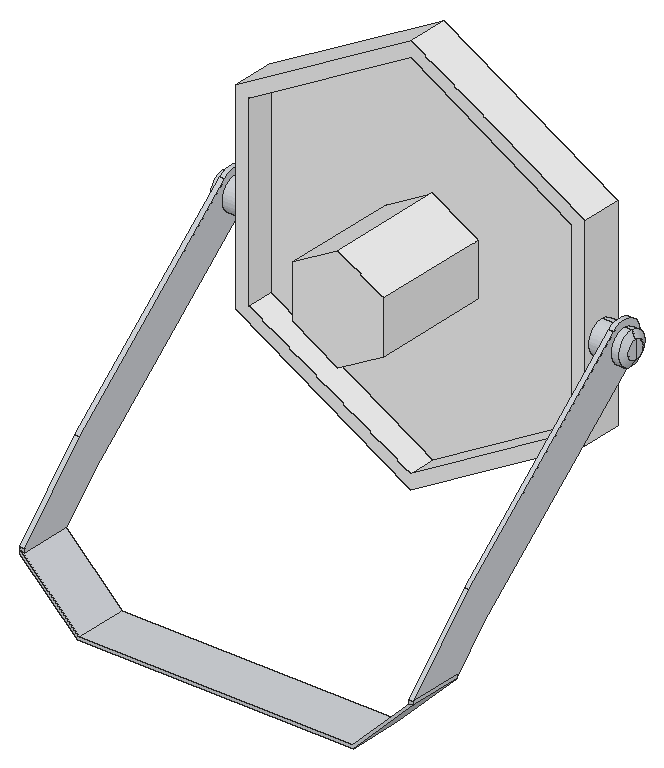
Revit family "Lighting-Floodlights-GEWISS-ESALITE-FL-LED_12K_DALI", category Apparecchi per illuminazione, host Superficie, Revit 2019 (continued)
Types (12, lengths in mm): name | Versions | Technical sheet | Optic | Nominal flux (lm) | built-in parameter 1150142 | Modello | Lumen output (lm) | IDT | File diagramma fotometrico | Descrizione | Colour temperature:
  GWS6422GD30K - ESALITE 12K 30° 3000K PRO+V GR.DALI | "3000K warm light" | "https://www.gewiss.com/ww/en/search?q=GWS6422GD30K" | "30°" | "14000" | "IESNA:LM-63-2002\r\n[TEST] GWS6422GD30K\r\n[TESTLAB] GEWISS\r\n[TESTDATE] 31 Aug 2018\r\n[ISSUEDATE] 31 Aug 2018\r\n[MANUFAC] GEWISS\r\n[LUMCAT] GWS6422GD30K\r\n[LUMINAIRE] ESALITE FL 12K+GLAS 30° GR. DALI LED830\r\n[FLASHAREA] 0.030706\r\n[LAMPCAT] LED 112W/3000K - 10800lm\r\n[LAMP] LED 112W/3000K - 10800lm\r\nTILT=NONE\r\n1 10800.00 1.0 34 19 1 2 -0.402 -0.402 0.000\r\n1.00 1.00 112.00\r\n0.00 1.00 2.00 3.00 4.00 5.00 6.00 7.00 8.00 9.00 10.00 \r\n11.00 12.00 13.00 14.00 15.00 17.50 20.00 22.50 25.00 \r\n27.50 30.00 35.00 40.00 45.00 50.00 55.00 60.00 65.00 \r\n70.00 75.00 80.00 85.00 90.00 \r\n0.00 5.00 10.00 15.00 20.00 25.00 30.00 35.00 40.00 45.00 \r\n50.00 55.00 60.00 65.00 70.00 75.00 80.00 85.00 90.00 \r\n20023.20 19867.68 19446.48 18780.12 18014.40 17047.80 \r\n15987.24 14801.40 13611.24 12410.28 11331.36 10443.49 \r\n9832.10 9406.04 9097.60 8846.93 8139.10 7166.02 6088.28 \r\n5236.92 4624.13 4073.33 2976.48 1936.55 809.02 641.46 \r\n642.24 719.45 622.80 499.82 377.07 242.77 91.82 0.31 \r\n20023.20 19856.88 19436.76 18777.96 18007.92 17061.84 \r\n16002.36 14824.08 13641.48 12449.16 11381.04 10500.52 \r\n9895.72 9467.50 9160.99 8913.24 8209.51 7234.06 6151.68 \r\n5285.95 4661.60 4105.84 2998.73 1948.86 811.10 640.90 \r\n641.35 717.75 624.62 499.99 379.24 246.40 92.51 0.31 \r\n20023.20 19862.28 19441.08 18781.20 18004.68 17061.84 \r\n15996.96 14817.60 13628.52 12431.88 11358.36 10482.48 \r\n9874.76 9442.22 9137.23 8888.29 8188.45 7211.92 6140.02 \r\n5267.81 4646.27 4095.04 2996.03 1943.57 811.37 642.34 \r\n641.74 714.50 626.10 498.45 384.05 249.25 93.34 0.32 \r\n20023.20 19862.28 19442.16 18788.76 18007.92 17051.04 \r\n15984.00 14804.64 13610.16 12409.20 11336.76 10468.22 \r\n9856.51 9419.11 9115.85 8865.61 8184.24 7209.00 6142.82 \r\n5256.90 4632.98 4091.58 3001.00 1944.22 813.05 641.95 \r\n641.07 711.97 625.61 497.51 391.26 251.11 91.88 0.34 \r\n20023.20 19863.36 19442.16 18800.64 18026.28 17068.32 \r\n16002.36 14824.08 13633.92 12437.28 11361.60 10486.37 \r\n9868.39 9429.59 9123.62 8874.68 8208.54 7243.02 6170.80 \r\n5271.70 4636.55 4099.79 3011.58 1943.14 812.49 641.97 \r\n641.03 708.04 625.32 499.39 398.75 253.18 90.08 0.35 \r\n20023.20 19862.28 19442.16 18804.96 18023.04 17059.68 \r\n15998.04 14821.92 13628.52 12430.80 11362.68 10487.12 \r\n9870.88 9429.26 9116.71 8869.50 8211.56 7247.77 6170.15 \r\n5264.46 4625.86 4094.50 3022.49 1949.29 815.48 642.64 \r\n640.97 709.35 627.13 501.63 399.95 252.31 89.27 0.38 \r\n20023.20 19863.36 19437.84 18790.92 18028.44 17061.84 \r\n16000.20 14815.44 13619.88 12418.92 11355.12 10469.95 \r\n9854.68 9411.34 9096.73 8844.66 8195.58 7242.59 6167.12 \r\n5256.90 4612.14 4083.26 3024.43 1950.05 815.07 641.20 \r\n638.71 707.57 626.12 500.48 399.97 250.46 86.83 0.39 \r\n20023.20 19863.36 19452.96 18811.44 18046.80 17088.84 \r\n16019.64 14841.36 13651.20 12454.56 11384.28 10494.25 \r\n9882.22 9439.63 9122.22 8867.45 8223.12 7272.07 6190.02 \r\n5271.48 4617.76 4090.18 3035.34 1956.64 816.37 642.72 \r\n639.66 709.67 629.26 501.72 401.40 250.89 87.77 0.41 \r\n20023.20 19856.88 19441.08 18803.88 18033.84 17080.20 \r\n16004.52 14828.40 13640.40 12441.60 11372.40 10477.51 \r\n9862.99 9416.95 9097.38 8842.50 8199.36 7246.91 6170.15 \r\n5252.15 4599.83 4079.38 3032.42 1954.48 818.14 642.95 \r\n638.96 710.34 629.64 499.12 400.92 251.11 87.79 0.43 \r\n20023.20 19851.48 19442.16 18811.44 18036.00 17079.12 \r\n16004.52 14824.08 13636.08 12434.04 11362.68 10468.12 \r\n9855.22 9408.53 9091.01 8834.40 8192.12 7246.37 6177.60 \r\n5258.20 4602.42 4081.54 3033.94 1954.80 818.10 641.92 \r\n638.43 714.03 629.91 496.62 394.51 248.38 89.59 0.45 \r\n20023.20 19862.28 19452.96 18826.56 18051.12 17093.16 \r\n16016.40 14832.72 13643.64 12438.36 11362.68 10465.63 \r\n9849.49 9397.30 9078.48 8819.60 8177.22 7235.14 6170.80 \r\n5249.02 4594.75 4073.44 3028.10 1952.64 817.66 641.75 \r\n638.36 721.80 630.73 498.41 385.16 248.38 91.30 0.47 \r\n20023.20 19867.68 19457.28 18823.32 18057.60 17107.20 \r\n16019.64 14832.72 13641.48 12439.44 11370.24 10478.70 \r\n9860.40 9407.77 9083.45 8819.71 8164.91 7221.20 6160.86 \r\n5245.02 4597.34 4071.92 3027.13 1952.32 821.08 642.58 \r\n638.86 725.50 628.57 499.72 380.19 243.16 89.68 0.49 \r\n20023.20 19867.68 19467.00 18833.04 18065.16 17125.56 \r\n16042.32 14858.64 13672.80 12474.00 11406.96 10519.09 \r\n9896.26 9444.71 9113.80 8843.58 8182.40 7237.51 6177.38 \r\n5270.08 4624.78 4090.72 3031.13 1958.80 825.18 643.15 \r\n639.53 727.13 629.69 501.49 380.57 240.68 89.20 0.51 \r\n20023.20 19862.28 19452.96 18826.56 18051.12 17114.76 \r\n16031.52 14842.44 13652.28 12451.32 11378.88 10492.74 \r\n9867.74 9415.66 9078.16 8806.75 8141.26 7199.39 6148.33 \r\n5258.52 4622.94 4089.96 3026.27 1956.42 823.55 641.09 \r\n637.37 722.97 628.07 498.54 379.68 244.17 89.81 0.53 \r\n20023.20 19873.08 19468.08 18836.28 18065.16 17122.32 \r\n16033.68 14850.00 13662.00 12462.12 11391.84 10513.48 \r\n9892.04 9437.58 9097.49 8817.23 8141.36 7195.93 6145.74 \r\n5260.79 4630.50 4094.06 3028.86 1958.04 824.66 642.54 \r\n638.47 719.98 630.72 497.94 382.20 246.94 88.76 0.54 \r\n20023.20 19868.76 19463.76 18837.36 18067.32 17130.96 \r\n16046.64 14866.20 13680.36 12482.64 11413.44 10550.63 \r\n9928.55 9472.79 9125.14 8839.58 8150.00 7193.34 6144.23 \r\n5268.78 4647.13 4106.38 3035.66 1962.68 827.42 643.18 \r\n638.92 715.90 630.83 497.87 395.45 243.73 86.57 0.57 \r\n20023.20 19874.16 19469.16 18836.28 18077.04 17128.80 \r\n16042.32 14851.08 13657.68 12452.40 11372.40 10514.02 \r\n9891.50 9434.99 9083.23 8795.30 8092.98 7135.02 6104.48 \r\n5246.53 4637.09 4097.52 3027.56 1958.69 826.96 643.24 \r\n638.36 710.75 628.81 496.30 398.09 244.35 83.62 0.58 \r\n20023.20 19874.16 19463.76 18837.36 18060.84 17140.68 \r\n16048.80 14859.72 13668.48 12463.20 11379.96 10536.05 \r\n9915.37 9454.86 9105.91 8819.17 8112.96 7147.55 6117.88 \r\n5256.79 4649.08 4106.92 3033.50 1965.49 829.67 643.15 \r\n638.60 710.04 628.92 496.26 397.12 244.91 84.15 0.60 \r\n20023.20 19867.68 19457.28 18836.28 18081.36 17138.52 \r\n16063.92 14869.44 13677.12 12476.16 11391.84 10551.92 \r\n9931.25 9471.60 9131.72 8839.69 8118.14 7140.20 6106.86 \r\n5248.91 4639.68 4098.06 3029.29 1964.84 828.55 643.42 \r\n638.97 709.35 627.77 497.23 394.78 250.95 82.45 0.60 \r\n" | "GWS6422GD30K" | "10800" | "af8b1cbe69764850b4f1b65c186a3546" | "GWS6422GD30K.IES" | "ESALITE 12K 30° 3000K PRO+V GR.DALI" | "3000 K (CRI>80)"
  GWS6422GD57K - ESALITE 12K 30° 5700K PRO+V GR.DALI | "5700K cold light" | "https://www.gewiss.com/ww/en/search?q=GWS6422GD57K" | "30°" | "15000" | "IESNA:LM-63-2002\r\n[TEST] GWS6422GD57K\r\n[TESTLAB] GEWISS\r\n[TESTDATE] 31 Aug 2018\r\n[ISSUEDATE] 31 Aug 2018\r\n[MANUFAC] GEWISS\r\n[LUMCAT] GWS6422GD57K\r\n[LUMINAIRE] ESALITE FL 12K+GLAS 30° GR. DALI LED857\r\n[FLASHAREA] 0.030706\r\n[LAMPCAT] LED 112W/5700K - 11600lm\r\n[LAMP] LED 112W/5700K - 11600lm\r\nTILT=NONE\r\n1 11600.00 1.0 34 19 1 2 -0.402 -0.402 0.000\r\n1.00 1.00 112.00\r\n0.00 1.00 2.00 3.00 4.00 5.00 6.00 7.00 8.00 9.00 10.00 \r\n11.00 12.00 13.00 14.00 15.00 17.50 20.00 22.50 25.00 \r\n27.50 30.00 35.00 40.00 45.00 50.00 55.00 60.00 65.00 \r\n70.00 75.00 80.00 85.00 90.00 \r\n0.00 5.00 10.00 15.00 20.00 25.00 30.00 35.00 40.00 45.00 \r\n50.00 55.00 60.00 65.00 70.00 75.00 80.00 85.00 90.00 \r\n21506.40 21339.36 20886.96 20171.24 19348.80 18310.60 \r\n17171.48 15897.80 14619.48 13329.56 12170.72 11217.08 \r\n10560.41 10102.79 9771.49 9502.26 8741.99 7696.83 6539.27 \r\n5624.84 4966.66 4375.06 3196.96 2080.00 868.94 688.97 \r\n689.82 772.75 668.94 536.85 405.00 260.76 98.62 0.33 \r\n21506.40 21327.76 20876.52 20168.92 19341.84 18325.68 \r\n17187.72 15922.16 14651.96 13371.32 12224.08 11278.33 \r\n10628.73 10168.79 9839.58 9573.48 8817.62 7769.91 6607.36 \r\n5677.50 5006.91 4409.97 3220.86 2093.22 871.18 688.38 \r\n688.85 770.91 670.89 537.02 407.33 264.65 99.36 0.33 \r\n21506.40 21333.56 20881.16 20172.40 19338.36 18325.68 \r\n17181.92 15915.20 14638.04 13352.76 12199.72 11258.96 \r\n10606.23 10141.65 9814.06 9546.68 8795.00 7746.13 6594.83 \r\n5658.02 4990.44 4398.37 3217.96 2087.54 871.47 689.92 \r\n689.27 767.42 672.48 535.37 412.50 267.72 100.26 0.35 \r\n21506.40 21333.56 20882.32 20180.52 19341.84 18314.08 \r\n17168.00 15901.28 14618.32 13328.40 12176.52 11243.65 \r\n10586.62 10116.82 9791.10 9522.32 8790.48 7743.00 6597.85 \r\n5646.30 4976.17 4394.66 3223.29 2088.23 873.27 689.50 \r\n688.55 764.71 671.95 534.37 420.24 269.71 98.69 0.36 \r\n21506.40 21334.72 20882.32 20193.28 19361.56 18332.64 \r\n17187.72 15922.16 14643.84 13358.56 12203.20 11263.14 \r\n10599.38 10128.08 9799.45 9532.07 8816.58 7779.54 6627.89 \r\n5662.19 4980.00 4403.48 3234.66 2087.07 872.68 689.53 \r\n688.52 760.48 671.64 536.38 428.28 271.94 96.75 0.38 \r\n21506.40 21333.56 20882.32 20197.92 19358.08 18323.36 \r\n17183.08 15919.84 14638.04 13351.60 12204.36 11263.95 \r\n10602.05 10127.73 9792.02 9526.50 8819.83 7784.64 6627.20 \r\n5654.42 4968.51 4397.79 3246.38 2093.68 875.88 690.25 \r\n688.45 761.90 673.59 538.79 429.57 271.00 95.88 0.41 \r\n21506.40 21334.72 20877.68 20182.84 19363.88 18325.68 \r\n17185.40 15912.88 14628.76 13338.84 12196.24 11245.50 \r\n10584.65 10108.47 9770.56 9499.82 8802.66 7779.08 6623.95 \r\n5646.30 4953.78 4385.73 3248.46 2094.50 875.44 688.69 \r\n686.02 759.99 672.50 537.56 429.59 269.02 93.26 0.42 \r\n21506.40 21334.72 20893.92 20204.88 19383.60 18354.68 \r\n17206.28 15940.72 14662.40 13377.12 12227.56 11271.60 \r\n10614.23 10138.86 9797.94 9524.30 8832.24 7810.74 6648.54 \r\n5661.96 4959.81 4393.15 3260.18 2101.57 876.84 690.33 \r\n687.04 762.24 675.87 538.89 431.14 269.48 94.27 0.44 \r\n21506.40 21327.76 20881.16 20196.76 19369.68 18345.40 \r\n17190.04 15926.80 14650.80 13363.20 12214.80 11253.62 \r\n10593.58 10114.50 9771.26 9497.50 8806.72 7783.72 6627.20 \r\n5641.20 4940.56 4381.55 3257.05 2099.25 878.75 690.57 \r\n686.29 762.96 676.28 536.09 430.62 269.71 94.29 0.46 \r\n21506.40 21321.96 20882.32 20204.88 19372.00 18344.24 \r\n17190.04 15922.16 14646.16 13355.08 12204.36 11243.53 \r\n10585.23 10105.46 9764.42 9488.80 8798.95 7783.14 6635.20 \r\n5647.69 4943.34 4383.87 3258.67 2099.60 878.70 689.47 \r\n685.72 766.92 676.57 533.40 423.74 266.78 96.22 0.48 \r\n21506.40 21333.56 20893.92 20221.12 19388.24 18359.32 \r\n17202.80 15931.44 14654.28 13359.72 12204.36 11240.86 \r\n10579.08 10093.39 9750.96 9472.91 8782.94 7771.07 6627.89 \r\n5637.83 4935.10 4375.17 3252.41 2097.28 878.22 689.28 \r\n685.64 775.26 677.45 535.33 413.69 266.78 98.06 0.51 \r\n21506.40 21339.36 20898.56 20217.64 19395.20 18374.40 \r\n17206.28 15931.44 14651.96 13360.88 12212.48 11254.90 \r\n10590.80 10104.64 9756.30 9473.02 8769.72 7756.11 6617.22 \r\n5633.54 4937.89 4373.55 3251.36 2096.93 881.90 690.18 \r\n686.19 779.24 675.13 536.73 408.35 261.17 96.32 0.53 \r\n21506.40 21339.36 20909.00 20228.08 19403.32 18394.12 \r\n17230.64 15959.28 14685.60 13398.00 12251.92 11298.28 \r\n10629.31 10144.32 9788.89 9498.66 8788.51 7773.62 6634.97 \r\n5660.45 4967.35 4393.73 3255.66 2103.89 886.31 690.79 \r\n686.91 780.99 676.34 538.63 408.76 258.51 95.81 0.55 \r\n21506.40 21333.56 20893.92 20221.12 19388.24 18382.52 \r\n17219.04 15941.88 14663.56 13373.64 12221.76 11269.98 \r\n10598.69 10113.11 9750.61 9459.10 8744.31 7732.68 6603.76 \r\n5648.04 4965.38 4392.92 3250.44 2101.34 884.56 688.58 \r\n684.59 776.53 674.60 535.47 407.81 262.25 96.46 0.57 \r\n21506.40 21345.16 20910.16 20231.56 19403.32 18390.64 \r\n17221.36 15950.00 14674.00 13385.24 12235.68 11292.25 \r\n10624.79 10136.66 9771.38 9470.36 8744.43 7728.96 6600.98 \r\n5650.48 4973.50 4397.33 3253.22 2103.08 885.74 690.13 \r\n685.77 773.31 677.44 534.83 410.51 265.23 95.33 0.58 \r\n21506.40 21340.52 20905.52 20232.72 19405.64 18399.92 \r\n17235.28 15967.40 14693.72 13407.28 12258.88 11332.16 \r\n10664.00 10174.48 9801.07 9494.37 8753.71 7726.18 6599.36 \r\n5659.06 4991.36 4410.55 3260.53 2108.07 888.71 690.83 \r\n686.24 768.93 677.56 534.75 424.75 261.79 92.98 0.61 \r\n21506.40 21346.32 20911.32 20231.56 19416.08 18397.60 \r\n17230.64 15951.16 14669.36 13374.80 12214.80 11292.83 \r\n10624.21 10133.88 9756.06 9446.81 8692.46 7663.54 6556.67 \r\n5635.16 4980.58 4401.04 3251.83 2103.78 888.21 690.88 \r\n685.64 763.40 675.39 533.07 427.58 262.45 89.81 0.62 \r\n21506.40 21346.32 20905.52 20232.72 19398.68 18410.36 \r\n17237.60 15960.44 14680.96 13386.40 12222.92 11316.50 \r\n10649.84 10155.22 9780.42 9472.44 8713.92 7677.00 6571.05 \r\n5646.18 4993.45 4411.13 3258.21 2111.08 891.12 690.79 \r\n685.91 762.63 675.50 533.02 426.53 263.05 90.38 0.64 \r\n21506.40 21339.36 20898.56 20231.56 19420.72 18408.04 \r\n17253.84 15970.88 14690.24 13400.32 12235.68 11333.55 \r\n10666.90 10173.20 9808.15 9494.48 8719.49 7669.11 6559.22 \r\n5637.72 4983.36 4401.62 3253.68 2110.39 889.93 691.08 \r\n686.30 761.90 674.27 534.06 424.03 269.54 88.56 0.64 \r\n" | "GWS6422GD57K" | "11600" | "e11d2f219eea4baaaad22e94d2d435ad" | "GWS6422GD57K.IES" | "ESALITE 12K 30° 5700K PRO+V GR.DALI" | "5700 K (CRI>80)"
  GWS6423GD - ESALITE 12K 60° 4000K PRO+V GR.DALI | "4000K natural light" | "https://www.gewiss.com/ww/en/search?q=GWS6423GD" | "60°" | "15000" | "IESNA:LM-63-2002\r\n[TEST] GWS6423GD\r\n[TESTLAB] GEWISS\r\n[TESTDATE] 31 Aug 2018\r\n[ISSUEDATE] 31 Aug 2018\r\n[MANUFAC] GEWISS\r\n[LUMCAT] GWS6423GD\r\n[LUMINAIRE] ESALITE FL 12K+GLAS 60° GR. DALI LED840\r\n[FLASHAREA] 0.030706\r\n[LAMPCAT] LED 112W/4000K - 11900lm\r\n[LAMP] LED 112W/4000K - 11900lm\r\nTILT=NONE\r\n1 11900.00 1.0 39 19 1 2 -0.402 -0.402 0.000\r\n1.00 1.00 112.00\r\n0.00 1.00 2.00 3.00 4.00 5.00 6.00 7.00 8.00 9.00 10.00 \r\n11.00 12.00 13.00 14.00 15.00 16.00 17.00 18.00 19.00 \r\n20.00 22.50 25.00 27.50 30.00 32.50 35.00 37.50 40.00 \r\n45.00 50.00 55.00 60.00 65.00 70.00 75.00 80.00 85.00 \r\n90.00 \r\n0.00 5.00 10.00 15.00 20.00 25.00 30.00 35.00 40.00 45.00 \r\n50.00 55.00 60.00 65.00 70.00 75.00 80.00 85.00 90.00 \r\n8596.44 8584.90 8553.84 8520.28 8519.09 8572.40 8686.64 \r\n8839.56 9004.25 9194.77 9393.03 9600.33 9798.46 10012.30 \r\n10224.72 10454.03 10698.93 10960.73 11261.33 11572.16 \r\n11840.14 11567.75 9133.25 5549.68 3583.45 2280.16 1374.33 \r\n1230.34 1192.62 1100.94 959.57 883.50 800.81 719.94 \r\n623.25 654.88 466.68 106.83 3.00 \r\n8596.44 8586.33 8555.51 8522.90 8519.81 8574.55 8689.74 \r\n8842.18 9007.35 9200.96 9401.36 9609.61 9806.79 10018.85 \r\n10232.10 10462.12 10710.24 10973.70 11274.42 11586.67 \r\n11855.02 11572.51 9115.76 5523.98 3572.50 2266.24 1364.57 \r\n1221.65 1182.68 1076.38 940.11 876.63 795.69 714.32 \r\n618.86 650.68 469.65 108.32 2.98 \r\n8596.44 8585.61 8555.98 8522.54 8521.35 8575.38 8689.26 \r\n8842.41 9010.20 9200.60 9403.86 9610.92 9809.05 10021.35 \r\n10235.43 10465.69 10713.33 10978.34 11278.11 11592.50 \r\n11863.94 11589.65 9136.46 5542.54 3579.52 2277.78 1366.83 \r\n1223.32 1184.99 1074.76 937.65 876.61 796.34 714.79 \r\n618.17 646.29 473.38 97.67 2.97 \r\n8596.44 8584.18 8556.22 8520.99 8519.09 8572.52 8684.50 \r\n8838.01 9005.33 9197.99 9399.69 9607.23 9804.41 10015.16 \r\n10228.65 10456.41 10705.00 10968.47 11268.47 11583.46 \r\n11856.68 11586.32 9129.08 5539.69 3583.68 2286.82 1373.02 \r\n1229.75 1192.86 1083.85 947.39 883.55 802.67 718.78 \r\n617.66 631.02 450.34 99.53 2.98 \r\n8596.44 8585.49 8557.17 8523.61 8522.18 8576.81 8689.98 \r\n8844.91 9012.82 9206.55 9409.81 9614.49 9811.43 10021.82 \r\n10234.83 10461.89 10709.64 10973.47 11273.23 11592.50 \r\n11870.61 11594.29 9116.95 5531.48 3583.92 2283.25 1366.60 \r\n1224.15 1192.02 1112.28 964.40 890.33 795.11 715.14 \r\n612.78 606.97 394.20 86.57 2.89 \r\n8596.44 8582.99 8553.84 8520.16 8517.07 8571.09 8682.36 \r\n8835.75 9005.21 9198.11 9400.05 9603.90 9800.60 10009.57 \r\n10221.86 10447.13 10693.82 10958.71 11261.21 11583.82 \r\n11864.54 11598.69 9125.16 5545.04 3594.51 2293.13 1374.93 \r\n1231.77 1202.38 1135.33 979.27 897.45 796.87 719.84 \r\n612.12 600.25 382.31 67.96 2.86 \r\n8596.44 8586.09 8556.34 8523.26 8520.04 8573.59 8686.64 \r\n8839.80 9009.85 9203.82 9405.52 9609.96 9806.55 10014.09 \r\n10223.65 10447.37 10694.41 10962.76 11265.97 11588.70 \r\n11870.84 11598.22 9112.43 5538.26 3588.45 2289.20 1371.12 \r\n1228.79 1198.45 1113.08 966.40 892.44 794.10 716.83 \r\n609.18 598.94 388.84 66.84 2.76 \r\n8596.44 8586.92 8558.48 8524.92 8521.23 8575.97 8690.33 \r\n8846.22 9016.99 9212.27 9413.26 9618.77 9813.93 10019.44 \r\n10228.88 10451.29 10699.77 10966.33 11272.99 11596.43 \r\n11878.70 11605.95 9111.83 5541.59 3592.97 2287.42 1370.52 \r\n1229.98 1202.61 1137.40 981.07 895.61 794.99 719.40 \r\n611.41 602.47 388.33 67.20 2.71 \r\n8596.44 8586.09 8555.74 8522.07 8517.54 8573.12 8688.90 \r\n8844.08 9018.77 9212.74 9415.88 9622.22 9816.19 10019.32 \r\n10226.27 10447.49 10695.13 10964.78 11270.13 11597.38 \r\n11884.65 11614.40 9118.49 5548.38 3600.46 2284.20 1366.24 \r\n1226.30 1197.38 1118.22 969.27 891.66 794.77 717.49 \r\n615.42 610.18 403.49 82.20 2.57 \r\n8596.44 8588.83 8558.60 8525.16 8520.76 8575.85 8690.81 \r\n8850.15 9025.56 9220.24 9424.56 9628.89 9821.55 10023.85 \r\n10228.17 10446.65 10694.17 10962.28 11267.75 11593.22 \r\n11878.94 11606.07 9100.29 5533.02 3599.87 2281.71 1362.31 \r\n1223.44 1189.80 1079.54 942.86 875.58 794.34 715.29 \r\n618.37 634.17 444.13 98.32 2.43 \r\n8596.44 8588.71 8560.15 8524.45 8521.11 8576.21 8694.38 \r\n8854.67 9031.15 9230.47 9437.53 9641.38 9834.87 10036.22 \r\n10239.36 10458.20 10706.79 10974.30 11281.32 11609.28 \r\n11895.60 11620.83 9105.17 5535.17 3612.72 2289.80 1368.86 \r\n1230.10 1195.24 1081.04 943.98 878.41 795.44 717.02 \r\n624.32 653.56 473.91 94.84 2.30 \r\n8596.44 8588.71 8557.05 8522.66 8518.26 8574.07 8692.24 \r\n8853.72 9031.98 9234.28 9440.98 9644.47 9838.92 10040.39 \r\n10243.88 10460.34 10707.98 10974.42 11280.96 11608.93 \r\n11895.84 11623.21 9110.76 5542.90 3620.22 2292.18 1368.14 \r\n1229.98 1195.36 1083.36 946.75 879.34 794.94 716.19 \r\n624.19 655.64 469.10 104.90 2.12 \r\n8596.44 8587.40 8557.05 8522.07 8516.12 8571.57 8690.21 \r\n8852.77 9032.93 9234.28 9442.17 9645.66 9839.40 10038.96 \r\n10241.74 10456.05 10700.84 10966.80 11274.18 11605.48 \r\n11894.88 11603.57 9084.10 5520.53 3618.43 2284.20 1363.38 \r\n1226.41 1194.16 1099.88 957.64 876.74 791.79 715.15 \r\n623.82 658.20 460.26 102.68 1.92 \r\n8596.44 8587.52 8558.36 8523.49 8517.78 8576.69 8695.81 \r\n8858.12 9040.55 9242.85 9451.10 9656.61 9849.99 10049.79 \r\n10252.80 10470.69 10715.12 10981.56 11291.20 11626.06 \r\n11917.85 11614.04 9093.98 5526.12 3628.31 2283.49 1361.36 \r\n1225.22 1191.19 1081.48 942.99 873.56 791.49 713.37 \r\n622.82 653.64 469.07 103.88 1.73 \r\n8596.44 8587.52 8557.89 8521.71 8517.31 8574.19 8691.88 \r\n8857.88 9039.36 9242.73 9453.24 9659.11 9852.13 10052.29 \r\n10253.04 10468.67 10712.74 10978.11 11289.29 11623.68 \r\n11917.85 11616.18 9096.00 5522.31 3631.64 2277.78 1353.86 \r\n1219.51 1185.05 1078.00 938.84 871.69 791.10 712.83 \r\n621.51 649.55 476.86 94.48 1.52 \r\n8596.44 8586.09 8557.05 8519.57 8515.05 8571.93 8692.12 \r\n8858.95 9041.14 9246.06 9455.38 9664.11 9857.96 10060.26 \r\n10261.85 10480.21 10724.52 10988.22 11304.88 11642.84 \r\n11936.89 11634.75 9117.07 5538.38 3649.02 2285.28 1351.48 \r\n1217.25 1181.93 1081.26 941.58 872.37 791.78 713.39 \r\n615.88 630.56 445.02 98.43 1.32 \r\n8596.44 8588.11 8557.77 8518.50 8515.28 8572.88 8692.95 \r\n8858.84 9042.10 9245.94 9454.31 9661.97 9854.27 10054.19 \r\n10254.83 10474.86 10721.90 10988.46 11302.62 11636.77 \r\n11927.37 11611.90 9096.48 5523.62 3652.35 2281.35 1345.06 \r\n1214.04 1184.04 1119.22 963.36 886.59 789.23 716.12 \r\n612.50 603.84 418.36 81.90 1.16 \r\n8596.44 8590.02 8559.55 8520.64 8518.02 8576.21 8694.14 \r\n8862.52 9045.07 9251.77 9459.67 9668.27 9859.39 10059.55 \r\n10261.73 10481.28 10726.78 10995.01 11308.57 11645.46 \r\n11935.70 11623.56 9108.62 5529.69 3658.06 2284.20 1346.72 \r\n1216.66 1188.70 1140.06 978.16 892.36 788.91 718.82 \r\n612.92 598.20 405.53 67.62 1.05 \r\n8596.44 8588.59 8558.48 8517.90 8515.16 8571.33 8691.64 \r\n8859.19 9043.76 9249.39 9457.64 9665.89 9855.70 10056.09 \r\n10257.80 10477.83 10724.04 10989.89 11304.17 11642.01 \r\n11933.32 11623.80 9126.59 5545.04 3665.44 2289.32 1352.67 \r\n1222.25 1193.57 1118.06 971.75 892.52 793.14 719.41 \r\n610.08 591.55 377.91 68.45 1.02 \r\n" | "GWS6423GD" | "11900" | "f10346a8f543464eb083d6a10fd8f8ef" | "GWS6423GD.IES" | "ESALITE 12K 60° 4000K PRO+V GR.DALI" | "4000 K (CRI>80)"
